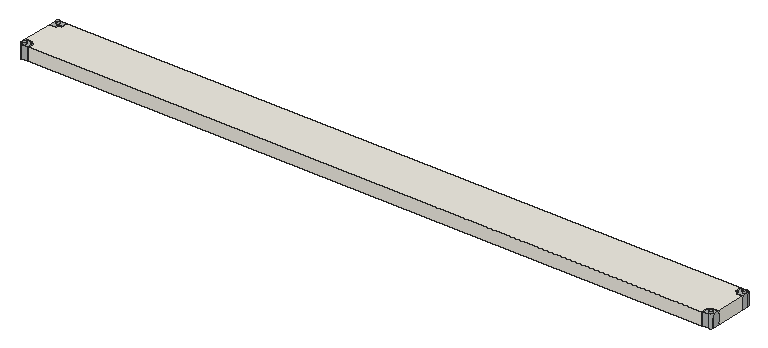
Revit family "HIGHTECH", category Осветительные приборы, Revit 2019 (continued)
Types (32, lengths in mm): name | Файл фотометрической сетки | built-in parameter 1150105 | Lumens | built-in parameter 1150106 | built-in parameter 1150142 | Wattage | Emit from Rectangle Width | Emit from Rectangle Length | Длина | Ширина | ADSK_Ток | ADSK_Полная мощность | ADSK_Обозначение | ADSK_Номинальная мощность | ADSK_Наименование | ADSK_Масса | ADSK_Код изделия
    48 925.588 885.431 844.090 803.143 760.717 718.389 675.666 632.549 589.038 545.723 502.310 459.390 416.569 373.550 331.617 290.474 250.119 210.948 172.863 \r\n134.679 100.541 68.178 37.591 9.669 0.592 0.592 0.592 0.493 0.493 0.493 0.493 0.493 0.493 0.493 0.493 0.395 0.395 0.395 0.395 0.395 0.395 0.395 0.296 0.296 0.296 0.296 0.296 0.296 0.296 0.296 0.197 \r\n0.197 0.197 0.197 0.197 0.197 0.197 0.197 0.098 0.098 0.098 0.098 0.098 0.098 0.098 0.098 0.000 0.000 0.000 0.000 \r\n1417.637 1416.551 1412.309 1405.895 1396.621 1385.373 1371.559 1354.786 1336.237 1315.419 1292.232 1266.875 1239.742 1210.733 1179.851 1147.390 1113.942 1078.816 \r\n1042.310 1004.521 966.238 926.279 886.121 844.879 803.834 761.408 719.080 676.357 633.240 589.728 546.315 502.902 459.982 417.062 374.043 332.110 290.967 250.513 211.343 173.258 \r\n135.074 100.837 68.376 37.888 9.965 0.592 0.592 0.592 0.493 0.493 0.493 0.493 0.493 0.493 0.493 0.493 0.395 0.395 0.395 0.395 0.395 0.395 0.395 0.296 0.296 0.296 0.296 0.296 0.296 0.296 0.296 0.197 \r\n0.197 0.197 0.197 0.197 0.197 0.197 0.197 0.098 0.098 0.098 0.098 0.098 0.098 0.098 0.098 0.000 0.000 0.000 0.000 \r\n1417.637 1416.650 1412.407 1406.093 1396.917 1385.669 1371.954 1355.181 1336.632 1315.912 1292.725 1267.368 1240.334 1211.325 1180.443 1147.982 1114.633 1079.409 \r\n1042.903 1005.212 966.929 926.969 886.812 845.569 804.524 762.098 719.770 677.048 633.832 590.320 546.907 503.494 460.574 417.654 374.636 332.603 291.460 250.908 211.738 173.653 \r\n135.371 101.133 68.671 38.086 10.163 0.592 0.592 0.592 0.493 0.493 0.493 0.493 0.493 0.493 0.493 0.493 0.395 0.395 0.395 0.395 0.395 0.395 0.395 0.296 0.296 0.296 0.296 0.296 0.296 0.296 0.296 0.197 \r\n0.197 0.197 0.197 0.197 0.197 0.197 0.197 0.098 0.098 0.098 0.098 0.098 0.098 0.098 0.098 0.000 0.000 0.000 0.000 \r\n1417.637 1416.650 1412.506 1406.191 1397.114 1385.866 1372.250 1355.576 1337.027 1316.307 1293.218 1267.861 1240.827 1211.918 1181.035 1148.672 1115.225 1080.099 \r\n1043.593 1005.902 967.620 927.660 887.503 846.260 805.215 762.789 720.461 677.739 634.523 591.011 547.598 504.086 461.166 418.247 375.129 333.098 291.855 251.401 212.132 173.948 \r\n135.666 101.429 68.968 38.381 10.360 0.592 0.592 0.592 0.493 0.493 0.493 0.493 0.493 0.493 0.493 0.493 0.395 0.395 0.395 0.395 0.395 0.395 0.395 0.296 0.296 0.296 0.296 0.296 0.296 0.296 0.296 0.197 \r\n0.197 0.197 0.197 0.197 0.197 0.197 0.197 0.098 0.098 0.098 0.098 0.098 0.098 0.098 0.098 0.000 0.000 0.000 0.000 \r\n1417.637 1416.650 1412.604 1406.389 1397.311 1386.162 1372.546 1355.871 1337.421 1316.701 1293.613 1268.355 1241.320 1212.411 1181.627 1149.265 1115.816 1080.691 \r\n1044.284 1006.593 968.212 928.351 888.194 846.951 805.906 763.479 721.151 678.429 635.213 591.702 548.190 504.777 461.758 418.740 375.721 333.591 292.348 251.796 212.527 174.343 \r\n135.962 101.627 69.165 38.579 10.557 0.592 0.592 0.592 0.493 0.493 0.493 0.493 0.493 0.493 0.493 0.395 0.395 0.395 0.395 0.395 0.395 0.395 0.395 0.296 0.296 0.296 0.296 0.296 0.296 0.296 0.296 0.197 \r\n0.197 0.197 0.197 0.197 0.197 0.197 0.197 0.098 0.098 0.098 0.098 0.098 0.098 0.098 0.098 0.000 0.000 0.000 0.000 \r\n1417.637 1416.749 1412.704 1406.586 1397.607 1386.458 1372.941 1356.266 1337.815 1317.095 1294.106 1268.848 1241.813 1213.003 1182.219 1149.856 1116.409 1081.382 \r\n1044.876 1007.283 968.902 929.042 888.885 847.642 806.597 764.170 721.843 679.120 635.806 592.293 548.881 505.368 462.351 419.332 376.214 334.084 292.841 252.191 212.922 174.738 \r\n136.357 101.922 69.461 38.776 10.853 0.592 0.592 0.592 0.493 0.493 0.493 0.493 0.493 0.493 0.493 0.395 0.395 0.395 0.395 0.395 0.395 0.395 0.395 0.296 0.296 0.296 0.296 0.296 0.296 0.296 0.296 0.197 \r\n0.197 0.197 0.197 0.197 0.197 0.197 0.197 0.098 0.098 0.098 0.098 0.098 0.098 0.098 0.098 0.000 0.000 0.000 0.000 \r\n1417.637 1416.749 1412.802 1406.684 1397.805 1386.754 1373.237 1356.661 1338.210 1317.589 1294.599 1269.341 1242.406 1213.496 1182.811 1150.448 1117.099 1081.974 \r\n1045.566 1007.974 969.593 929.732 889.575 848.333 807.287 764.861 722.533 679.712 636.496 592.985 549.472 505.960 462.942 419.825 376.707 334.577 293.236 252.684 213.317 175.034 \r\n136.652 102.218 69.659 39.072 11.051 0.592 0.592 0.592 0.493 0.493 0.493 0.493 0.493 0.493 0.493 0.395 0.395 0.395 0.395 0.395 0.395 0.395 0.395 0.296 0.296 0.296 0.296 0.296 0.296 0.296 0.296 0.197 \r\n0.197 0.197 0.197 0.197 0.197 0.197 0.197 0.098 0.098 0.098 0.098 0.098 0.098 0.098 0.098 0.000 0.000 0.000 0.000 \r\n1417.637 1416.848 1412.901 1406.882 1398.002 1387.051 1373.533 1356.957 1338.605 1317.983 1294.994 1269.834 1242.899 1214.089 1183.403 1151.041 1117.692 1082.665 \r\n1046.257 1008.566 970.284 930.423 890.266 849.121 807.978 765.552 723.224 680.403 637.187 593.675 550.163 506.553 463.534 420.416 377.300 335.071 293.729 253.079 213.712 175.429 \r\n136.949 102.515 69.954 39.269 11.248 0.592 0.592 0.592 0.493 0.493 0.493 0.493 0.493 0.493 0.493 0.395 0.395 0.395 0.395 0.395 0.395 0.395 0.395 0.296 0.296 0.296 0.296 0.296 0.296 0.296 0.296 0.197 \r\n0.197 0.197 0.197 0.197 0.197 0.197 0.197 0.098 0.098 0.098 0.098 0.098 0.098 0.098 0.098 0.000 0.000 0.000 0.000 \r\n1417.637 1416.848 1412.999 1407.079 1398.298 1387.247 1373.829 1357.352 1339.000 1318.378 1295.488 1270.327 1243.392 1214.680 1183.995 1151.731 1118.283 1083.257 \r\n1046.849 1009.257 970.975 931.113 891.055 849.813 808.668 766.242 723.914 681.093 637.779 594.266 550.755 507.145 464.126 421.009 377.793 335.564 294.222 253.474 214.105 175.823 \r\n137.343 102.810 70.250 39.467 11.445 0.592 0.592 0.592 0.493 0.493 0.493 0.493 0.493 0.493 0.493 0.395 0.395 0.395 0.395 0.395 0.395 0.395 0.395 0.296 0.296 0.296 0.296 0.296 0.296 0.296 0.296 0.197 \r\n0.197 0.197 0.197 0.197 0.197 0.197 0.197 0.098 0.098 0.098 0.098 0.098 0.098 0.098 0.098 0.000 0.000 0.000 0.000 \r\n1417.637 1416.946 1413.098 1407.178 1398.495 1387.544 1374.223 1357.747 1339.395 1318.773 1295.882 1270.822 1243.886 1215.174 1184.587 1152.323 1118.974 1083.848 \r\n1047.540 1009.947 971.665 931.903 891.746 850.503 809.359 766.933 724.507 681.784 638.470 594.958 551.445 507.836 464.718 421.502 378.287 336.057 294.617 253.967 214.500 176.119 \r\n137.640 103.106 70.447 39.762 11.741 0.592 0.592 0.592 0.493 0.493 0.493 0.493 0.493 0.493 0.493 0.395 0.395 0.395 0.395 0.395 0.395 0.395 0.395 0.296 0.296 0.296 0.296 0.296 0.296 0.296 0.296 0.197 \r\n0.197 0.197 0.197 0.197 0.197 0.197 0.197 0.098 0.098 0.098 0.098 0.098 0.098 0.098 0.098 0.000 0.000 0.000 0.000 \r\n1417.637 1416.946 1413.197 1407.376 1398.693 1387.839 1374.520 1358.042 1339.789 1319.168 1296.376 1271.315 1244.477 1215.765 1185.179 1152.915 1119.566 1084.539 \r\n1048.230 1010.638 972.356 932.594 892.436 851.194 810.050 767.623 725.197 682.474 639.160 595.649 552.038 508.427 465.310 422.094 378.878 336.550 295.111 254.362 214.895 176.514 \r\n137.935 103.403 70.744 39.960 11.939 0.592 0.592 0.592 0.493 0.493 0.493 0.493 0.493 0.493 0.493 0.395 0.395 0.395 0.395 0.395 0.395 0.395 0.395 0.296 0.296 0.296 0.296 0.296 0.296 0.296 0.296 0.197 \r\n0.197 0.197 0.197 0.197 0.197 0.197 0.197 0.098 0.098 0.098 0.098 0.098 0.098 0.098 0.098 0.000 0.000 0.000 0.000 \r\n1417.637 1417.044 1413.295 1407.474 1398.890 1388.135 1374.815 1358.437 1340.184 1319.661 1296.869 1271.808 1244.971 1216.258 1185.673 1153.507 1120.158 1085.131 \r\n1048.823 1011.329 973.046 933.284 893.127 851.884 810.741 768.314 725.888 683.165 639.752 596.240 552.728 509.019 465.902 422.686 379.371 337.044 295.505 254.757 215.388 176.909 \r\n138.232 103.698 70.942 40.157 12.136 0.592 0.592 0.592 0.493 0.493 0.493 0.493 0.493 0.493 0.493 0.395 0.395 0.395 0.395 0.395 0.395 0.395 0.395 0.296 0.296 0.296 0.296 0.296 0.296 0.296 0.296 0.197 \r\n0.197 0.197 0.197 0.197 0.197 0.197 0.197 0.098 0.098 0.098 0.098 0.098 0.098 0.098 0.098 0.000 0.000 0.000 0.000 \r\n1417.637 1417.044 1413.394 1407.671 1399.187 1388.333 1375.111 1358.832 1340.578 1320.056 1297.264 1272.301 1245.464 1216.851 1186.264 1154.099 1120.849 1085.822 \r\n1049.513 1012.020 973.737 933.975 893.818 852.575 811.432 769.004 726.578 683.855 640.443 596.930 553.321 509.611 466.494 423.180 379.964 337.537 295.999 255.250 215.783 177.304 \r\n138.626 103.994 71.237 40.453 12.333 0.592 0.592 0.592 0.493 0.493 0.493 0.493 0.493 0.493 0.493 0.395 0.395 0.395 0.395 0.395 0.395 0.395 0.395 0.296 0.296 0.296 0.296 0.296 0.296 0.296 0.296 0.197 \r\n0.197 0.197 0.197 0.197 0.197 0.197 0.197 0.098 0.098 0.098 0.098 0.098 0.098 0.098 0.098 0.000 0.000 0.000 0.000 \r\n1417.637 1417.143 1413.492 1407.869 1399.383 1388.629 1375.506 1359.226 1340.973 1320.451 1297.757 1272.795 1246.056 1217.443 1186.856 1154.790 1121.441 1086.414 \r\n1050.204 1012.711 974.428 934.665 894.508 853.365 812.122 769.695 727.269 684.448 641.134 597.523 554.011 510.203 467.086 423.772 380.457 338.031 296.492 255.645 216.178 177.599 \r\n138.922 104.291 71.533 40.650 12.629 0.592 0.592 0.592 0.493 0.493 0.493 0.493 0.493 0.493 0.493 0.395 0.395 0.395 0.395 0.395 0.395 0.395 0.395 0.296 0.296 0.296 0.296 0.296 0.296 0.296 0.296 0.197 \r\n0.197 0.197 0.197 0.197 0.197 0.197 0.197 0.098 0.098 0.098 0.098 0.098 0.098 0.098 0.098 0.000 0.000 0.000 0.000 \r\n1417.637 1417.143 1413.592 1407.967 1399.580 1388.925 1375.803 1359.523 1341.367 1320.845 1298.250 1273.288 1246.550 1217.936 1187.448 1155.382 1122.032 1087.105 \r\n1050.894 1013.401 975.119 935.356 895.199 854.055 812.813 770.386 727.959 685.138 641.725 598.213 554.603 510.795 467.678 424.265 380.951 338.524 296.887 256.038 216.573 177.994 \r\n139.218 104.586 71.730 40.848 12.826 0.592 0.592 0.493 0.493 0.493 0.493 0.493 0.493 0.493 0.493 0.395 0.395 0.395 0.395 0.395 0.395 0.395 0.395 0.296 0.296 0.296 0.296 0.296 0.296 0.296 0.296 0.197 \r\n0.197 0.197 0.197 0.197 0.197 0.197 0.197 0.098 0.098 0.098 0.098 0.098 0.098 0.098 0.098 0.000 0.000 0.000 0.000 \r\n1417.637 1417.242 1413.690 1408.165 1399.877 1389.220 1376.098 1359.917 1341.762 1321.339 1298.645 1273.781 1247.043 1218.528 1188.041 1155.974 1122.723 1087.697 \r\n1051.487 1013.993 975.810 936.046 895.889 854.746 813.503 771.077 728.650 685.829 642.416 598.904 555.294 511.486 468.270 424.857 381.542 339.018 297.380 256.533 216.967 178.389 \r\n139.613 104.882 72.026 41.143 13.024 0.592 0.592 0.493 0.493 0.493 0.493 0.493 0.493 0.493 0.493 0.395 0.395 0.395 0.395 0.395 0.395 0.395 0.395 0.296 0.296 0.296 0.296 0.296 0.296 0.296 0.296 0.197 \r\n0.197 0.197 0.197 0.197 0.197 0.197 0.197 0.098 0.098 0.098 0.098 0.098 0.098 0.098 0.098 0.000 0.000 0.000 0.000 \r\n1417.637 1417.242 1413.789 1408.362 1400.075 1389.517 1376.394 1360.311 1342.157 1321.733 1299.138 1274.274 1247.536 1219.022 1188.632 1156.566 1123.315 1088.388 \r\n1052.177 1014.684 976.500 936.738 896.581 855.436 814.194 771.768 729.341 686.519 643.107 599.496 555.885 512.078 468.862 425.449 382.035 339.511 297.873 256.926 217.362 178.685 \r\n139.909 105.079 72.223 41.341 13.221 0.592 0.592 0.493 0.493 0.493 0.493 0.493 0.493 0.493 0.493 0.395 0.395 0.395 0.395 0.395 0.395 0.395 0.395 0.296 0.296 0.296 0.296 0.296 0.296 0.296 0.296 0.197 \r\n0.197 0.197 0.197 0.197 0.197 0.197 0.197 0.098 0.098 0.098 0.098 0.098 0.098 0.098 0.098 0.000 0.000 0.000 0.000 \r\n1417.637 1417.341 1413.986 1408.461 1400.271 1389.715 1376.789 1360.608 1342.552 1322.128 1299.632 1274.768 1248.128 1219.614 1189.224 1157.256 1123.907 1088.980 \r\n1052.868 1015.374 977.191 937.428 897.369 856.127 814.884 772.458 730.032 687.211 643.698 600.187 556.577 512.670 469.454 425.942 382.529 340.004 298.268 257.321 217.756 179.080 \r\n140.204 105.376 72.520 41.538 13.517 0.592 0.592 0.493 0.493 0.493 0.493 0.493 0.493 0.493 0.493 0.395 0.395 0.395 0.395 0.395 0.395 0.395 0.395 0.296 0.296 0.296 0.296 0.296 0.296 0.296 0.296 0.197 \r\n0.197 0.197 0.197 0.197 0.197 0.197 0.197 0.098 0.098 0.098 0.098 0.098 0.098 0.098 0.098 0.000 0.000 0.000 0.000 \r\n1417.637 1417.341 1414.085 1408.658 1400.568 1390.010 1377.085 1361.002 1342.947 1322.522 1300.026 1275.261 1248.621 1220.205 1189.817 1157.849 1124.598 1089.670 \r\n1053.460 1016.065 977.881 938.119 898.060 856.917 815.575 773.149 730.722 687.901 644.390 600.877 557.168 513.262 470.046 426.534 383.121 340.497 298.761 257.814 218.151 179.473 \r\n140.501 105.672 72.816 41.835 13.714 0.592 0.592 0.493 0.493 0.493 0.493 0.493 0.493 0.493 0.493 0.395 0.395 0.395 0.395 0.395 0.395 0.395 0.395 0.296 0.296 0.296 0.296 0.296 0.296 0.296 0.296 0.197 \r\n0.197 0.197 0.197 0.197 0.197 0.197 0.197 0.098 0.098 0.098 0.098 0.098 0.098 0.098 0.098 0.000 0.000 0.000 0.000 \r\n1417.637 1417.439 1414.183 1408.855 1400.765 1390.306 1377.381 1361.397 1343.341 1323.015 1300.520 1275.656 1249.114 1220.699 1190.408 1158.440 1125.190 1090.262 \r\n1054.151 1016.755 978.473 938.809 898.750 857.607 816.266 773.839 731.413 688.592 645.080 601.469 557.859 513.854 470.638 427.126 383.615 340.990 299.254 258.209 218.546 179.770 \r\n140.896 105.967 73.013 42.031 13.912 0.592 0.592 0.493 0.493 0.493 0.493 0.493 0.493 0.493 0.493 0.395 0.395 0.395 0.395 0.395 0.395 0.395 0.395 0.296 0.296 0.296 0.296 0.296 0.296 0.296 0.296 0.197 \r\n0.197 0.197 0.197 0.197 0.197 0.197 0.197 0.098 0.098 0.098 0.098 0.098 0.098 0.098 0.098 0.000 0.000 0.000 0.000 \r\n1417.637 1417.439 1414.282 1408.954 1400.963 1390.603 1377.677 1361.792 1343.735 1323.410 1301.014 1276.149 1249.608 1221.291 1191.000 1159.032 1125.782 1090.953 \r\n1054.841 1017.446 979.164 939.500 899.442 858.298 816.957 774.530 732.103 689.184 645.672 602.160 558.451 514.446 471.230 427.619 384.108 341.484 299.649 258.604 218.940 180.165 \r\n141.191 106.264 73.309 42.229 14.208 0.592 0.592 0.493 0.493 0.493 0.493 0.493 0.493 0.493 0.493 0.395 0.395 0.395 0.395 0.395 0.395 0.395 0.395 0.296 0.296 0.296 0.296 0.296 0.296 0.296 0.296 0.197 \r\n0.197 0.197 0.197 0.197 0.197 0.197 0.197 0.098 0.098 0.098 0.098 0.098 0.098 0.098 0.098 0.000 0.000 0.000 0.000 \r\n1417.637 1417.538 1414.380 1409.152 1401.258 1390.898 1378.072 1362.087 1344.130 1323.805 1301.408 1276.643 1250.200 1221.784 1191.593 1159.625 1126.374 1091.545 \r\n1055.433 1018.137 979.855 940.290 900.133 858.988 817.647 775.221 732.794 689.875 646.362 602.851 559.043 515.137 471.822 428.212 384.700 341.977 300.142 259.097 219.335 180.559 \r\n141.487 106.560 73.506 42.525 14.405 0.592 0.592 0.493 0.493 0.493 0.493 0.493 0.493 0.493 0.493 0.395 0.395 0.395 0.395 0.395 0.395 0.395 0.395 0.296 0.296 0.296 0.296 0.296 0.296 0.296 0.296 0.197 \r\n0.197 0.197 0.197 0.197 0.197 0.197 0.197 0.098 0.098 0.098 0.098 0.098 0.098 0.098 0.098 0.000 0.000 0.000 0.000 \r\n1417.637 1417.538 1414.480 1409.250 1401.456 1391.096 1378.367 1362.482 1344.525 1324.200 1301.902 1277.136 1250.693 1222.376 1192.184 1160.315 1127.064 1092.235 \r\n1056.124 1018.828 980.545 940.980 900.823 859.679 818.338 776.010 733.485 690.565 647.054 603.443 559.734 515.728 472.414 428.705 385.193 342.470 300.537 259.492 219.730 180.856 \r\n141.882 106.855 73.802 42.723 14.602 0.592 0.592 0.493 0.493 0.493 0.493 0.493 0.493 0.493 0.493 0.395 0.395 0.395 0.395 0.395 0.395 0.395 0.395 0.296 0.296 0.296 0.296 0.296 0.296 0.296 0.296 0.197 \r\n0.197 0.197 0.197 0.197 0.197 0.197 0.197 0.098 0.098 0.098 0.098 0.098 0.098 0.098 0.098 0.000 0.000 0.000 0.000 \r\n1417.637 1417.637 1414.578 1409.447 1401.653 1391.391 1378.663 1362.877 1344.920 1324.693 1302.395 1277.630 1251.187 1222.968 1192.678 1160.908 1127.657 1092.827 \r\n1056.814 1019.419 981.236 941.671 901.514 860.369 819.028 776.701 734.175 691.256 647.645 604.133 560.326 516.320 473.006 429.297 385.785 342.963 301.030 259.887 220.125 181.249 \r\n142.178 107.152 74.099 42.920 14.800 0.592 0.592 0.493 0.493 0.493 0.493 0.493 0.493 0.493 0.493 0.395 0.395 0.395 0.395 0.395 0.395 0.395 0.395 0.296 0.296 0.296 0.296 0.296 0.296 0.296 0.296 0.197 \r\n0.197 0.197 0.197 0.197 0.197 0.197 0.197 0.098 0.098 0.098 0.098 0.098 0.098 0.098 0.098 0.000 0.000 0.000 0.000 \r\n1417.637 1417.637 1414.677 1409.645 1401.851 1391.688 1378.960 1363.173 1345.314 1325.088 1302.790 1278.123 1251.680 1223.461 1193.269 1161.499 1128.249 1093.518 \r\n1057.406 1020.110 981.926 942.361 902.204 861.159 819.719 777.391 734.867 691.946 648.335 604.726 561.017 516.913 473.598 429.888 386.279 343.458 301.524 260.380
